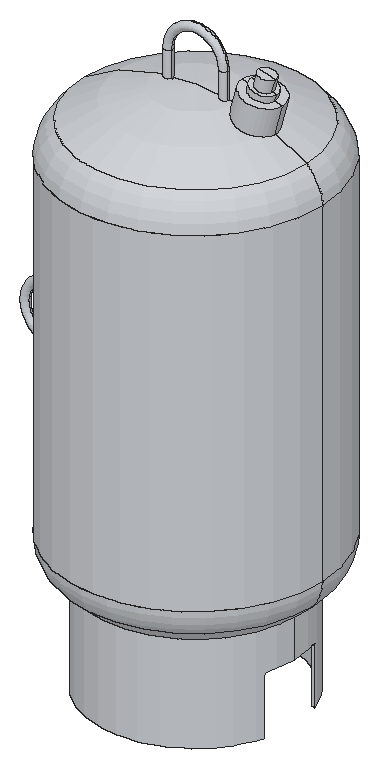
Revit family
Parameters (values of type "ST-85-CL 150# W.P. 10 BAR")
  Weight = "92 lbs"
  Tank Volume = "22 Gal"
  Tank Height/Length = 33.938"
  Tank Diameter = 16.000"
  Side Lifting Ring Location = Shell Length / 2  # 10.094"
  Shell Length = 20.188"
  Pipe Connector Diameter = Pipe Connection Radius * 2  # 1.000"
  Pipe Connection Radius = 0.500"
  Model = "ST-85-CL"
  Maximum Acceptance Volume = "11 Gal"
  Max Operating Temp = "240 DEG F"
  Max Operating Pressure = "150 PSI"
  Manufacturer = "Amtrol"
  Lifting Ring Location = 3.500" / 2  # 1.750"
  Floor to Elbow Centerline = 1.313"
  Floor to Bottom of Tank = 3.286"
  Bladder/Diaphragm = "Bladder"
  ASME = yes
Types (3): name | Weight | Tank Volume | Tank Height/Length | Side Lifting Ring Location | Shell Length | Model
  (no name) | "92 lbs" | "22 Gal" | 33.938" | 10.094" | 20.188" | "ST-85-CL"
  ST-100-CL 150# W.P. | "98 lbs" | "26 Gal" | 38.625" | 12.4375" | 24.875" | "ST-100-CL"
  ST-85-CL 150# W.P. 10 BAR | "92 lbs" | "22 Gal" | 33.938" | 10.094" | 20.188" | "ST-85-CL"
Reference planes (in)
  plane 1 "Center (Front/Back)": y = 0
  plane 2: z = 0
  plane 3 "Center (Left/Right)": x = 0
Forms (in)
  Revolve 1, solid
    sketch origin (0, 0, 0) x (1, 0, 0) y (0, 0, 1)
      loop
        line (-6.21408, 0) -> (-6.02608, 0) -> (-6.02608, 7.44707) -> (-6.21408, 7.44707) -> (-6.21408, 0)
      axis (0, 0) -> (0, 7.44707)
    angle from 0 to 360
  Revolve 2, solid
    sketch origin (0, 0, 0) x (1, 0, 0) y (0, 0, 1)
      loop
        line (0.6492, 3.3675) -> (0.6492, 4.19707) -> (0, 4.19707) -> (0, 3.3675) -> (0.6492, 3.3675)
      axis (0, 3.3675) -> (0, 4.19707)
    angle from 0 to 360
  Extrusion 3, void
    sketch origin (0, 0, 0) x (0, 1, 0) y (0, 0, 1)
      loop
        line (0, 3.70581) -> (-1.75, 3.70581)
        arc (-1.75, 3.70581) -> (-1.92678, 3.63258) -> (-2, 3.45581) r 0.25
        line (-2, 3.45581) -> (-2, -0.25) -> (2, -0.25) -> (2, 3.45581)
        arc (2, 3.45581) -> (1.92678, 3.63258) -> (1.75, 3.70581) r 0.25
        line (1.75, 3.70581) -> (0, 3.70581)
    from 3.88729 to 12
  Sweep 4, solid
    path origin (0, 0, 0) x (1, 0, 0) y (0, 0, 1)
      loop
        line (0, 2.813) -> (0, 2.511)
        arc (0, 2.511) -> (0.35089, 1.66389) -> (1.198, 1.313) r 1.198
        line (1.198, 1.313) -> (1.5, 1.313)
    profile origin (0, 0, 2.662) x (0, -1, 0) y (1, 0, 0)
      loop
        circle (0, 0) r 0.75
  Revolve 5, solid
    sketch origin (0, 0, 0) x (1, 0, 0) y (0, 0, 1)
      loop
        arc (8, 29.88889) -> (7.69523, 30.99622) -> (6.97852, 31.89366) r 2.85302
        arc (6.97852, 31.89366) -> (3.64531, 33.44851) -> (0, 33.938) r 12.18572
        line (0, 33.938) -> (0, 3.286) -> (3.18292, 3.286) -> (3.18292, 3.786) -> (2.165, 3.786) -> (2.165, 3.982) -> (3.18292, 3.982) -> (3.18292, 4.89275)
        arc (3.18292, 4.89275) -> (3.29039, 4.93727) -> (3.33491, 5.04474) r 0.15199
        arc (3.33491, 5.04474) -> (5.51061, 5.73074) -> (7.34444, 7.0877) r 6.911
        arc (7.34444, 7.0877) -> (7.82992, 7.83527) -> (8, 8.71027) r 2.33578
        line (8, 8.71027) -> (8, 29.88889)
      axis (0, 3.286) -> (0, 33.938)
    angle from 0 to 360
  Revolve 6, solid
    sketch origin (0, 0, 0) x (1, 0, 0) y (0, 0, 1)
      loop
        line (0, 2.813) -> (0.65074, 2.813) -> (0.65074, 4.313) -> (0, 4.313) -> (0, 2.813)
      axis (0, 2.813) -> (0, 4.313)
    angle from 0 to 360
  Revolve 7, solid
    sketch origin (0, 0, 0) x (1, 0, 0) y (0, 0, 1)
      loop
        line (3.71899, 33.13446) -> (4.98039, 32.79647) -> (5.47078, 34.62663) -> (4.98781, 34.75604) -> (5.08486, 35.11823) -> (4.81775, 35.1898) -> (5.01993, 35.94437) -> (4.50861, 36.08137) -> (3.71899, 33.13446)
      axis (3.71899, 33.13446) -> (4.50861, 36.08137)
    angle from 0 to 360
  Sweep 8, solid
    path origin (0, 0, 0) x (1, 0, 0) y (0, 0, 1)
      loop
        line (-1.72794, 33.65652) -> (-1.72794, 35.40652)
        arc (-1.72794, 35.40652) -> (0.02206, 37.15652) -> (1.77206, 35.40652) r 1.75
        line (1.77206, 35.40652) -> (1.77206, 33.65652)
    profile origin (-1.72794, 0, 34.53152) x (-1, 0, 0) y (0, -1, 0)
      loop
        circle (0, 0) r 0.25
  Sweep 9, solid
    path origin (0, 0, 0) x (1, 0, 0) y (0, 0, 1)
      loop
        line (-7.96912, 19.79489) -> (-8.96912, 19.79489)
        arc (-8.96912, 19.79489) -> (-10.71912, 18.04489) -> (-8.96912, 16.29489) r 1.75
        line (-8.96912, 16.29489) -> (-7.96912, 16.29489)
    profile origin (-8.46912, 0, 19.79489) x (0, 0, -1) y (0, -1, 0)
      loop
        circle (0, 0) r 0.25
Cuts and joins
  Extrusion 3 cuts Revolve 1
  Extrusion 3 cuts Revolve 2
Dimensions and locks (in)
  "Floor to Elbow Centerline": Sweep 4 sketch curve to cut or joined group of Revolve 1, Extrusion 3
  "Floor to Bottom of Tank": Revolve 5 sketch curve to cut or joined group of Revolve 1, Extrusion 3
  "Tank Height/Length": Revolve 5 sketch curve to cut or joined group of Revolve 1, Extrusion 3
  Revolve 5 sketch curve to Revolve 5 sketch curve = 9.35369"
  Revolve 7 sketch curve to Revolve 5 = 0.90281"
  Revolve 7 sketch curve to Revolve 5 = 1.2408"
  Revolve 7 sketch curve to Revolve 7 sketch curve = 3.05087"
  Revolve 7 sketch curve to Revolve 7 sketch curve = 2.26969"
  Revolve 7 sketch curve to Revolve 7 sketch curve = 1.89473"
  Sweep 8 sketch curve to Revolve 5 = 1.76286"  (x2)
  "Side Lifting Ring Location": Revolve 5 to Sweep 9 sketch curve
  aligned and locked: plane 1 "Center (Front/Back)" to import instance
  aligned and locked: import instance to plane 3 "Center (Left/Right)"
Automatic sketch dimensions
  Revolve 2 sketch curve to plane 3 "Center (Left/Right)" = 0.000"  (x2)
  plane 3 "Center (Left/Right)" to Revolve 2 sketch curve = 0.6492"
  level to Revolve 2 sketch curve = 3.3675"
  Revolve 2 sketch curve to Revolve 2 sketch curve = 0.000"
  Revolve 2 sketch curve to Revolve 2 sketch curve = 0.82957"
  Revolve 2 sketch curve to Revolve 2 sketch curve = 1.25068"
  Extrusion 3 sketch curve to plane 1 "Center (Front/Back)" = 0.000"
  plane 1 "Center (Front/Back)" to Extrusion 3 sketch curve = 1.750"
  Extrusion 3 sketch curve to Extrusion 3 sketch curve = 0.250"  (x2)
  Extrusion 3 sketch curve to plane 1 "Center (Front/Back)" = 1.750"
  Extrusion 3 sketch curve to level = 0.250"
  level to Extrusion 3 sketch curve = 3.45581"
  Sweep 4 sketch curve to plane 3 "Center (Left/Right)" = 0.000"
  Sweep 4 sketch curve to Sweep 4 sketch curve = 1.198"
  Sweep 4 sketch curve to Sweep 4 sketch curve = 0.302"  (x2)
  plane 1 "Center (Front/Back)" to Sweep 4 sketch curve = 0.000"
  Sweep 4 sketch curve to profile plane = 0.000"
  Revolve 5 sketch curve to plane 3 "Center (Left/Right)" = 0.000"  (x2)
  plane 3 "Center (Left/Right)" to Revolve 5 sketch curve = 0.2195"
  plane 3 "Center (Left/Right)" to Revolve 5 sketch curve = 2.165"
  plane 3 "Center (Left/Right)" to Revolve 5 sketch curve = 2.37308"
  Revolve 5 sketch curve to Revolve 5 sketch curve = 1.01792"
  Revolve 5 sketch curve to Revolve 5 sketch curve = 0.000"  (x3)
  Revolve 5 sketch curve to Revolve 5 sketch curve = 0.15199"
  plane 3 "Center (Left/Right)" to Revolve 5 sketch curve = 5.15317"
  Revolve 5 sketch curve to Revolve 5 sketch curve = 2.32931"
  Revolve 5 sketch curve to Revolve 5 sketch curve = 1.82535"
  Revolve 5 sketch curve to Revolve 5 sketch curve = 1.68022"
  Revolve 5 sketch curve to Revolve 5 sketch curve = 1.02148"
  Revolve 5 sketch curve to Revolve 5 sketch curve = 0.500"
  Revolve 5 sketch curve to Revolve 5 sketch curve = 0.196"
  Revolve 5 sketch curve to Revolve 5 sketch curve = 0.91075"
  Revolve 5 sketch curve to Revolve 5 sketch curve = 0.18791"
  Revolve 5 sketch curve to Revolve 5 sketch curve = 4.64337"
  Revolve 6 sketch curve to plane 3 "Center (Left/Right)" = 0.000"  (x2)
  plane 3 "Center (Left/Right)" to Revolve 6 sketch curve = 0.65074"
  level to Revolve 6 sketch curve = 2.813"
  Revolve 6 sketch curve to Revolve 6 sketch curve = 0.000"
  Revolve 6 sketch curve to Revolve 6 sketch curve = 1.500"
  Revolve 6 sketch curve to Revolve 6 sketch curve = 0.500"
  Revolve 1 sketch curve to level = 0.000"  (x2)
  Revolve 1 sketch curve to plane 3 "Center (Left/Right)" = 0.000"
  Revolve 1 sketch curve to plane 3 "Center (Left/Right)" = 6.02608"
  Revolve 1 sketch curve to Revolve 1 sketch curve = 0.188"
  level to Revolve 1 sketch curve = 7.44707"
  Revolve 1 sketch curve to Revolve 1 sketch curve = 1.05293"
  plane 3 "Center (Left/Right)" to Revolve 7 sketch curve = 3.71899"
  Revolve 7 sketch curve to Revolve 7 sketch curve = 0.01295"
  Revolve 7 sketch curve to Revolve 7 sketch curve = 0.78962"
  Revolve 7 sketch curve to Revolve 7 sketch curve = 0.16799"
  Revolve 7 sketch curve to Revolve 7 sketch curve = 0.65303"
  Revolve 7 sketch curve to Revolve 7 sketch curve = 0.17006"
  Revolve 7 sketch curve to Revolve 7 sketch curve = 0.04834"
  Revolve 7 sketch curve to Revolve 7 sketch curve = 0.62696"
  Sweep 8 sketch curve to plane 3 "Center (Left/Right)" = 1.72794"
  plane 3 "Center (Left/Right)" to Sweep 8 sketch curve = 0.02206"
  Sweep 8 sketch curve to Sweep 8 sketch curve = 1.750"
  plane 1 "Center (Front/Back)" to Sweep 8 sketch curve = 0.000"
  Sweep 8 sketch curve to profile plane = 0.000"
  Sweep 9 sketch curve to plane 3 "Center (Left/Right)" = 8.96912"
  Sweep 9 sketch curve to Sweep 9 sketch curve = 1.000"  (x2)
  Sweep 9 sketch curve to Sweep 9 sketch curve = 1.750"
  Sweep 9 sketch curve to plane 1 "Center (Front/Back)" = 0.000"
  Sweep 9 sketch curve to profile plane = 0.000"
  radius of Sweep 4 sketch curve = 0.750"
  radius of Sweep 8 sketch curve = 0.250"
  radius of Sweep 9 sketch curve = 0.250"
Connectors (in)
  piping at (1.5, 0, 1.313), driven by "Pipe Connection Radius"
    settings: on Sweep 4, index 1
